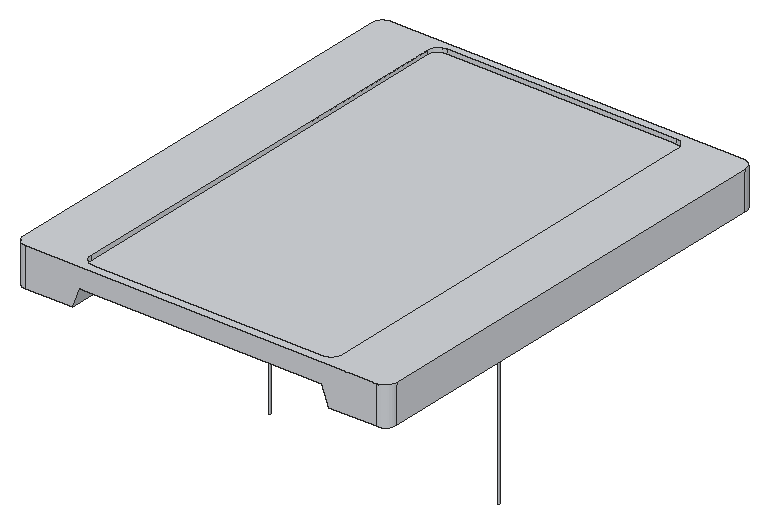
Revit family "EURS_63_LF_FB_BY481P", category Lighting Fixtures, host Face, Revit 2019
Family settings
  Host = Face
  Round Connector Dimension = Use Diameter
  Part Type = Normal
  Cut with Voids When Loaded = No
  Light Source = No
  Shared = No
  Room Calculation Point = No
Parameters (values of type "Type catalog")
  Width = 490 mm
  Voltage (V) = 230 V
  Visibility 2D symbol [instance] = not(Visibility 2D outline rectangle)  # no
  Visibility 2D outline rectangle [instance] = yes
  Suspension height [instance] = 300 mm
  Product catalog - URL = "MODEL WEBPAGE"
  Order code = "ORDER CODE"
  Light source = 2 mm
  Length = 600 mm
  Last IES update = "DATE"
  Lamp type = BY481P IES Data : PSD 1 xLED250S_840 HRO
  Height = 50 mm
  Fixture code = "FIXTURE CODE"
  ETIM code URL = "ETIM CODE WEBPAGE"
  ETIM code = "MODEL ETIM CODE"
  Wattage Comments = ""
  URL = "http://www.lighting.philips.com/main/home"
  Type Comments = "Pendant"
  Model = "MODEL NUMBER"
  Manufacturer = "Philips"
  Light loss factor = ""
  Lamp = "LAMP NAME"
  Initial luminous flux (lm) = ""
  Init. Corr. Color Temperature (K) = ""
  EOC = "EOC CODE"
  Description = "MODEL NAME"
  Default Elevation = 0 mm
  Content version = "1.0"
  Content modified date = "DATE"
  Content creation date = "17-06-2021"
  Content Creator = "https://www.cadac.com/bimcontent"
  Ceiling thickness = 12.5 mm
  BIM Library - URL = "http://www.lighting.philips.com/main/support/support/revit-library#page=1"
  Assembly Code = ""
  Armatuurcode [instance] = ""
  Apparent Load = 0 VA
  12NC = "12NC CODE"
Reference planes
  plane 1 "Center (Front/Back)": y = 0
  plane 2: z = 0
  plane 3 "Center (Left/Right)": x = 0
  plane 4 "Cadac Group AEC": y = 0
  plane 5: z = 12.5
  plane 6 "left": x = -245
  plane 7 "right": x = 245
  plane 8 "back": y = 300
  plane 9 "front": y = -300
  plane 10: z = -12.5
  plane 11: z = -12.5
  plane 12 "Light Source": z = 302
  plane 13 "Top Fixture": z = 250
  plane 14: z = 300
  plane 15 "Indent": z = 275
Forms (mm)
  Extrusion 1, solid
    sketch origin (0, 0, 70) x (1, 0, 0) y (0, 1, 0)
      loop
        arc (-245, -285) -> (-240.607, -295.607) -> (-230, -300) r 15
        line (-230, -300) -> (230, -300)
        arc (230, -300) -> (240.607, -295.607) -> (245, -285) r 15
        line (245, -285) -> (245, 285)
        arc (245, 285) -> (240.607, 295.607) -> (230, 300) r 15
        line (230, 300) -> (-230, 300)
        arc (-230, 300) -> (-240.607, 295.607) -> (-245, 285) r 15
        line (-245, 285) -> (-245, -285)
    from 180 to 230
  Extrusion 2, void
    sketch origin (55.711, -16.973, 193) x (1, 0, 0) y (0, 1, 0)
      loop
        arc (-206.066, 306.973) -> (-216.421, 302.684) -> (-220.711, 292.328) r 14.645
        line (-220.711, 292.328) -> (-220.711, -258.027)
        arc (-220.711, -258.027) -> (-216.317, -268.634) -> (-205.711, -273.027) r 15
        line (-205.711, -273.027) -> (94.289, -273.027)
        arc (94.289, -273.027) -> (104.896, -268.634) -> (109.289, -258.027) r 15
        line (109.289, -258.027) -> (109.289, 291.973)
        arc (109.289, 291.973) -> (104.896, 302.579) -> (94.289, 306.973) r 15
        line (94.289, 306.973) -> (-206.066, 306.973)
    from 102 to 107
  Sweep 3, solid
    path in 3D
      loop
        line (-150, 0, 0) -> (-150, 0, 250)
    profile origin (-150, 0, 125) x (0, -1, 0) y (1, 0, 0)
      loop
        circle (0, 0) r 1
  Sweep 4, solid
    path in 3D
      loop
        line (150, 0, 0) -> (150, 0, 250)
    profile origin (150, 0, 125) x (0, 1, 0) y (-1, 0, 0)
      loop
        circle (0, 0) r 1
  Sweep 5, void
    path in 3D
      loop
        line (0, -300, 275) -> (0, 300, 275)
    profile origin (0, 0, 275) x (0, 0, 1) y (1, 0, 0)
      loop
        line (0, 0) -> (0, 158.627) -> (-25, 167.726) -> (-25, 0) -> (-25, -167.726) -> (0, -158.627) -> (0, 0)
Cuts and joins
  Extrusion 2, Sweep 5 cuts Extrusion 1
Lines and regions (mm)
  reference lines
    curve 1: line (-150, 0, 0) -> (-150, 0, 250)
    curve 3: line (150, 0, 0) -> (150, 0, 250)
    curve 5: line (0, -300, 275) -> (0, 300, 275)
  sketch lines
    curve 2: line (-150, 0, 0) -> (-150, 0, 250)
    curve 4: line (150, 0, 0) -> (150, 0, 250)
    curve 6: line (0, -300, 275) -> (0, 300, 275)
Dimensions and locks
  equal spacing: plane 8 "back", plane 1 "Center (Front/Back)", plane 9 "front"
  equal spacing: plane 6 "left", plane 3 "Center (Left/Right)", plane 7 "right"
  "Width": plane 6 "left" to plane 7 "right"
  "Length": plane 9 "front" to plane 8 "back"
  "Ceiling thickness": plane 11 to host face
  "Light source": plane 14 to plane 12 "Light Source"
  "Height": plane 13 "Top Fixture" to plane 14
  "Suspension height": host face to plane 14
  Extrusion 1 to Extrusion 1 = 490 mm
  Extrusion 1 to Extrusion 1 = 600 mm
  Extrusion 2 to Extrusion 2 = 330 mm
  Extrusion 2 to Extrusion 2 = 580 mm
  locked: plane 14 to cut or joined group of Extrusion 1, Extrusion 2, Sweep 5 at 5
  locked: plane 15 "Indent" to plane 13 "Top Fixture" at 25
  aligned and locked: plane 2 to host face
  aligned and locked: level to host face
  aligned and locked: plane 4 "Cadac Group AEC" to plane 1 "Center (Front/Back)"
  aligned and locked: host face to plane 10
  aligned and locked: nested 1 to plane 6 "left"
  aligned and locked: plane 8 "back" to nested 1
  aligned and locked: Extrusion 1 to plane 13 "Top Fixture"
  aligned and locked: Extrusion 1 to plane 14
  aligned and locked: plane 8 "back" to Extrusion 1
  aligned and locked: cut or joined group of Extrusion 1, Extrusion 2, Sweep 5 to cut or joined group of Extrusion 1, Extrusion 2, Sweep 5
  aligned and locked: plane 8 "back" to curve 5
  aligned and locked: plane 9 "front" to curve 5
  aligned and locked: plane 8 "back" to nested 2
  aligned and locked: nested 2 to plane 9 "front"
  aligned and locked: plane 13 "Top Fixture" to curve 3
  aligned and locked: plane 13 "Top Fixture" to curve 1
Automatic sketch dimensions
  host sketch curve to host sketch curve = 700 mm  (x2)
  Extrusion 1 sketch curve to plane 6 "left" = 0 mm
  plane 9 "front" to Extrusion 1 sketch curve = 0 mm
  Extrusion 1 sketch curve to plane 8 "back" = 0 mm
  Extrusion 1 sketch curve to plane 7 "right" = 0 mm
  plane 6 "left" to Extrusion 1 sketch curve = 15 mm  (x2)
  plane 7 "right" to Extrusion 1 sketch curve = 15 mm  (x2)
  Extrusion 2 sketch curve to plane 9 "front" = 25 mm
  plane 6 "left" to Extrusion 2 sketch curve = 80 mm
  Extrusion 2 sketch curve to plane 8 "back" = 10 mm
  Extrusion 2 sketch curve to Extrusion 2 sketch curve = 14.645 mm
  Extrusion 2 sketch curve to Extrusion 2 sketch curve = 15 mm
  plane 7 "right" to Extrusion 2 sketch curve = 95 mm  (x2)
  Extrusion 2 sketch curve to plane 8 "back" = 25 mm
  curve 1 to plane 1 "Center (Front/Back)" = 0 mm
  curve 1 to level = 0 mm
  curve 3 to plane 1 "Center (Front/Back)" = 0 mm
  curve 3 to level = 0 mm
  Sweep 3 sketch curve to profile plane = 0 mm  (x2)
  Sweep 4 sketch curve to profile plane = 0 mm  (x2)
  plane 15 "Indent" to curve 5 = 0 mm
  Sweep 5 sketch curve to profile plane = 0 mm  (x3)
  profile plane to Sweep 5 sketch curve = 25 mm
  Sweep 5 sketch curve to profile plane = 158.627 mm
  Sweep 5 sketch curve to Sweep 5 sketch curve = 9.099 mm  (x2)
  Sweep 5 sketch curve to Sweep 5 sketch curve = 158.627 mm
  plane 13 "Top Fixture" to curve 3 = 0 mm
  plane 13 "Top Fixture" to curve 1 = 0 mm
  radius of Sweep 3 sketch curve = 1 mm
  radius of Sweep 4 sketch curve = 1 mm
Nested families
  nested 1: "2D-PL-Rechthoekig" at (0, 0, 0) x (0, -1, 0) z (0, 0, 1), Width <- "Width", lengte <- "Length", visible <- "Visibility 2D outline rectangle", type "2D symbool"
    with lengte 600 mm, Width 490 mm
  nested 2: "PL-TL armatuur plafond rechthoekig" at (0, 0, 0) x (0, -1, 0) z (0, 0, 1), visible <- "Visibility 2D symbol", type "armatuur tl_generiek"
    with lengte 1200 mm, l1 600 mm
  nested 3: "BY481P IES Data" at (0, 0, 302) x (0, -1, 0) z (0, 0, -1), type <- "Lamp type", type "PSD 1 xLED250S_840 HRO"
Connectors
  electrical at (0, 0, 0), driven by "Apparent Load", driven by "Voltage (V)"
    settings: index 1, voltage 230 V, apparent load 0 VA, apparent load phase1 0 VA, apparent load phase2 0 VA, apparent load phase3 0 VA, power factor 1, load classification "Lighting", number of poles 1, system type 31, power factor state 1, is connector primary yes, connector utility no, sub classification motor no, connector description ""
Definition of nested family "2D-PL-Rechthoekig"
  Parameters (values of type "2D symbool")
    lengte [instance] = 600 mm
    Width [instance] = 300 mm
    Type Comments = "GEEN CALCULATIEOBJECT"
    Manufacturer = ""
    Description = "Armatuur 2D symbool"
    Copyright © Cadac = "www.cadac.com/aec"
    Cadac content versie = ""
    Assembly Code = ""
  Reference planes
    plane 1 "Center (Front/Back)": y = 0
    plane 2: z = 0
    plane 3 "Center (Left/Right)": x = 0
    plane 4: y = 150
    plane 5: y = -150
    plane 6: y = 176.777
    plane 7: x = -176.777
    plane 8: x = 176.777
    plane 9: y = -176.777
    plane 10 "Cadac Group AEC": y = 0
    plane 11: y = 400
    plane 12: y = -191.421
    plane 13: y = -206.066
    plane 14: y = -220.711
    plane 15: y = -235.355
  Lines and regions (mm)
    symbolic lines
      curve 1: line (300, 150, 0) -> (300, -150, 0)
      curve 2: line (-300, 150, 0) -> (-300, -150, 0)
      curve 3: line (-300, 150, 0) -> (300, 150, 0)
      curve 4: line (-300, -150, 0) -> (300, -150, 0)
  Dimensions and locks
    equal spacing: curve 2, plane 3 "Center (Left/Right)", curve 1
    "lengte": curve 2 to curve 1
    equal spacing: plane 5, plane 1 "Center (Front/Back)", plane 4
    locked: plane 4 to plane 5 at 300
    equal spacing: curve 4, plane 1 "Center (Front/Back)", curve 3
    "Width": curve 4 to curve 3
    locked: plane 7 to plane 8 at 353.553
    locked: plane 6 to plane 9 at 353.553
    equal spacing: plane 7, plane 3 "Center (Left/Right)", plane 8
    equal spacing: plane 6, plane 1 "Center (Front/Back)", plane 9
    locked: plane 1 "Center (Front/Back)" to plane 11 at 400
    equal spacing: plane 9, plane 12, plane 13, plane 14, plane 15
    locked: plane 9 to plane 15 at 58.579
    aligned and locked: plane 10 "Cadac Group AEC" to plane 1 "Center (Front/Back)"
Definition of nested family "PL-TL armatuur plafond rechthoekig"
  Parameters (values of type "armatuur tl_generiek")
    radius cirkel = 175 mm
    lengte [instance] = 1200 mm
    l1 [instance] = 1200 mm
    b2 = b1 * 2  # 490 mm
    b1 = 245 mm
    Type Comments = "GEEN CALCULATIEOBJECT"  # constant formula
    Manufacturer = ""
    Length lines in cirkel = (radius cirkel * 2) - 70 mm  # 280 mm
    Description = "Armatuur TL"
    Copyright © Cadac = "www.cadac.com/aec"
    Cadac content versie = "3.2"  # constant formula
    Assembly Code = ""
  Reference planes
    plane 1 "Center (Front/Back)": y = 0
    plane 2: z = 0
    plane 3 "Center (Left/Right)": x = 0
    plane 4: y = 245
    plane 5: y = -245
    plane 6: y = 176.777
    plane 7: x = -140
    plane 8: x = 140
    plane 9: y = -176.777
    plane 10 "Cadac Group AEC": y = 0
    plane 11: y = 400
    plane 12: y = -191.421
    plane 13: y = -206.066
    plane 14: y = -220.711
    plane 15: y = -235.355
  Lines and regions (mm)
    symbolic lines
      curve 1: circle (0, 0, 0) r 175 normal (0, 0, 1)
      curve 2: line (600, 245, 0) -> (600, -245, 0)
      curve 3: line (600, -40.833, 0) -> (170.169, -40.833, 0)
      curve 4: line (600, 40.833, 0) -> (170.169, 40.833, 0)
      curve 5: line (600, 122.5, 0) -> (124.975, 122.5, 0)
      curve 6: line (600, -122.5, 0) -> (124.975, -122.5, 0)
      curve 7: line (-600, 245, 0) -> (-600, -245, 0)
      curve 8: line (-600, -40.833, 0) -> (-170.169, -40.833, 0)
      curve 9: line (-600, 40.833, 0) -> (-170.169, 40.833, 0)
      curve 10: line (-600, 122.5, 0) -> (-124.975, 122.5, 0)
      curve 11: line (-600, -122.5, 0) -> (-124.975, -122.5, 0)
      curve 12: line (-140, 105, 0) -> (140, -105, 0)
      curve 13: line (-140, -105, 0) -> (140, 105, 0)
  Dimensions and locks
    equal spacing: curve 7, plane 3 "Center (Left/Right)", curve 2
    "l1": curve 7 to curve 2
    equal spacing: plane 5, plane 1 "Center (Front/Back)", plane 4
    equal spacing: curve 5, curve 4, curve 3, curve 6
    equal spacing: curve 5, plane 1 "Center (Front/Back)", curve 6
    "b1": curve 5 to curve 6
    equal spacing: curve 11, curve 8, curve 9, curve 10
    equal spacing: curve 11, plane 1 "Center (Front/Back)", curve 10
    "b1": curve 11 to curve 10
    "Length lines in cirkel": plane 7 to plane 8
    locked: plane 6 to plane 9 at 353.553
    equal spacing: plane 7, plane 3 "Center (Left/Right)", plane 8
    equal spacing: plane 6, plane 1 "Center (Front/Back)", plane 9
    locked: plane 1 "Center (Front/Back)" to plane 11 at 400
    equal spacing: plane 9, plane 12, plane 13, plane 14, plane 15
    locked: plane 9 to plane 15 at 58.579
    "b2": plane 5 to plane 4
    "radius cirkel": radius of curve 1
    aligned and locked: plane 4 to curve 7
    aligned and locked: plane 4 to curve 2
    aligned and locked: plane 5 to curve 2
    aligned and locked: plane 5 to curve 7
    aligned and locked: plane 10 "Cadac Group AEC" to plane 1 "Center (Front/Back)"
    aligned and locked: plane 7 to curve 12
    aligned and locked: plane 7 to curve 13
    aligned and locked: plane 8 to curve 13
    aligned and locked: plane 8 to curve 12
  Automatic sketch dimensions
    plane 1 "Center (Front/Back)" to curve 1 = 0 mm
    curve 1 to plane 3 "Center (Left/Right)" = 0 mm
Definition of nested family "BY481P IES Data"
  Parameters (values of type "PSD HE 1 xLED350S_840 WB")
    Wattage = 206 W
    built-in parameter 1150110 = 1 (stored number, unit not read)
    built-in parameter 1114217 = 1 (stored number, unit not read)
    Tilt Angle = 90.00°
    built-in parameter 1150109 = 1 (stored number, unit not read)
    built-in parameter 1150134 = 12
    built-in parameter 1150113 = 1 (stored number, unit not read)
    Photometric Web File = "BY481P PSD HE 1 xLED350S_840 WB.ies"
    Model = "BY481P"
    Manufacturer = "Philips"
    built-in parameter 1150105 = 2785.2 (stored number, unit not read)
    Lumens = 35000 lm
    built-in parameter 1150115 = 1 (stored number, unit not read)
    built-in parameter 1150137 = (empty or 0)
    built-in parameter 1150139 = (empty or 0)
    built-in parameter 1150112 = 1 (stored number, unit not read)
    built-in parameter 1150114 = 1 (stored number, unit not read)
    Lamp = "LED350S/840/-"
    built-in parameter 1150132 = (empty or 0)
    built-in parameter 1150102 = (empty or 0)
    built-in parameter 1150107 = 4000 (stored number, unit not read)
    built-in parameter 1150138 = (empty or 0)
    built-in parameter 1150106 = 27.852 (stored number, unit not read)
    Emit from Rectangle Width = 328 mm
    Emit from Rectangle Length = 556 mm
    Emit Shape Visible in Rendering = yes
    built-in parameter 1150104 = 15.784 (stored number, unit not read)
    Dimming Lamp Color Temperature Shift = (empty or 0)
    Description = ""
    Default Elevation = 0 mm
    Content Creator = "https://www.cadac.com/bimcontent"
    Color Filter = 16777215
    built-in parameter 1114218 = 1 (stored number, unit not read)
    built-in parameter 1150133 = 10 (stored number, unit not read)
    Apparent Load = 206 VA
  Types (26, lengths in mm): name | Wattage | built-in parameter 1150134 | Photometric Web File | built-in parameter 1150105 | Lumens | Lamp | built-in parameter 1150107 | built-in parameter 1150106 | built-in parameter 1150104 | Apparent Load
    PSD HE 1 xLED350S_840 WB | 206 W | 12 | "BY481P PSD HE 1 xLED350S_840 WB.ies" | 2785.2 (stored number, unit not read) | 35000 lm | "LED350S/840/-" | 4000 (stored number, unit not read) | 27.852 (stored number, unit not read) | 15.784 (stored number, unit not read) | 206 VA
    PSD HE 1 xLED350S_840 MB | 206 W | 12 | "BY481P PSD HE 1 xLED350S_840 MB.ies" | 2785.2 (stored number, unit not read) | 35000 lm | "LED350S/840/-" | 4000 (stored number, unit not read) | 27.852 (stored number, unit not read) | 15.784 (stored number, unit not read) | 206 VA
    PSD HE 1 xLED250S_840 WB | 144 W | 12 | "BY481P PSD HE 1 xLED250S_840 WB.ies" | 1989.4 (stored number, unit not read) | 25000 lm | "LED250S/840/-" | 4000 (stored number, unit not read) | 19.894 (stored number, unit not read) | 16.129 (stored number, unit not read) | 144 VA
    PSD HE 1 xLED250S_840 MB | 144 W | 12 | "BY481P PSD HE 1 xLED250S_840 MB.ies" | 1989.4 (stored number, unit not read) | 25000 lm | "LED250S/840/-" | 4000 (stored number, unit not read) | 19.894 (stored number, unit not read) | 16.129 (stored number, unit not read) | 144 VA
    PSD EL3 EM 1 xLED350S_840 XNB | 3.4 W | 12 | "BY481P PSD EL3 EM 1 xLED350S_840 XNB.ies" | 46.155 (stored number, unit not read) | 580 lm | "LED350S/840/-" | 4000 (stored number, unit not read) | 0.46155 (stored number, unit not read) | 15.848 (stored number, unit not read) | 3.4 VA
    PSD EL3 EM 1 xLED350S_840 WB | 3 W | 12 | "BY481P PSD EL3 EM 1 xLED350S_840 WB.ies" | 46.155 (stored number, unit not read) | 580 lm | "LED350S/840/-" | 4000 (stored number, unit not read) | 0.46155 (stored number, unit not read) | 17.961 (stored number, unit not read) | 3 VA
    PSD EL3 EM 1 xLED350S_840 NBA | 3 W | 12 | "BY481P PSD EL3 EM 1 xLED350S_840 NBA.ies" | 42.176 (stored number, unit not read) | 530 lm | "LED350S/840/-" | 4000 (stored number, unit not read) | 0.42176 (stored number, unit not read) | 16.413 (stored number, unit not read) | 3 VA
    PSD EL3 EM 1 xLED350S_840 NB | 3 W | 12 | "BY481P PSD EL3 EM 1 xLED350S_840 NB.ies" | 46.155 (stored number, unit not read) | 580 lm | "LED350S/840/-" | 4000 (stored number, unit not read) | 0.46155 (stored number, unit not read) | 17.961 (stored number, unit not read) | 3 VA
    PSD EL3 EM 1 xLED350S_840 MB | 3 W | 12 | "BY481P PSD EL3 EM 1 xLED350S_840 MB.ies" | 46.155 (stored number, unit not read) | 580 lm | "LED350S/840/-" | 4000 (stored number, unit not read) | 0.46155 (stored number, unit not read) | 17.961 (stored number, unit not read) | 3 VA
    PSD EL3 EM 1 xLED350S_840 HRO | 3 W | 12 | "BY481P PSD EL3 EM 1 xLED350S_840 HRO.ies" | 46.155 (stored number, unit not read) | 580 lm | "LED350S/840/-" | 4000 (stored number, unit not read) | 0.46155 (stored number, unit not read) | 17.961 (stored number, unit not read) | 3 VA
    PSD EL3 EM 1 xLED250S_840 XNB | 3.4 W | 12 | "BY481P PSD EL3 EM 1 xLED250S_840 XNB.ies" | 46.155 (stored number, unit not read) | 580 lm | "LED250S/840/-" | 4000 (stored number, unit not read) | 0.46155 (stored number, unit not read) | 15.848 (stored number, unit not read) | 3.4 VA
    PSD EL3 EM 1 xLED250S_840 WB | 3 W | 12 | "BY481P PSD EL3 EM 1 xLED250S_840 WB.ies" | 46.155 (stored number, unit not read) | 580 lm | "LED250S/840/-" | 4000 (stored number, unit not read) | 0.46155 (stored number, unit not read) | 17.961 (stored number, unit not read) | 3 VA
    PSD EL3 EM 1 xLED250S_840 NBA | 3 W | 12 | "BY481P PSD EL3 EM 1 xLED250S_840 NBA.ies" | 42.176 (stored number, unit not read) | 530 lm | "LED250S/840/-" | 4000 (stored number, unit not read) | 0.42176 (stored number, unit not read) | 16.413 (stored number, unit not read) | 3 VA
    PSD EL3 EM 1 xLED250S_840 NB | 3 W | 12 | "BY481P PSD EL3 EM 1 xLED250S_840 NB.ies" | 46.155 (stored number, unit not read) | 580 lm | "LED250S/840/-" | 4000 (stored number, unit not read) | 0.46155 (stored number, unit not read) | 17.961 (stored number, unit not read) | 3 VA
    PSD EL3 EM 1 xLED250S_840 MB | 3 W | 12 | "BY481P PSD EL3 EM 1 xLED250S_840 MB.ies" | 46.155 (stored number, unit not read) | 580 lm | "LED250S/840/-" | 4000 (stored number, unit not read) | 0.46155 (stored number, unit not read) | 17.961 (stored number, unit not read) | 3 VA
    PSD EL3 EM 1 xLED250S_840 HRO | 3 W | 12 | "BY481P PSD EL3 EM 1 xLED250S_840 HRO.ies" | 46.155 (stored number, unit not read) | 580 lm | "LED250S/840/-" | 4000 (stored number, unit not read) | 0.46155 (stored number, unit not read) | 17.961 (stored number, unit not read) | 3 VA
    PSD 1 xLED350S_865 WB | 230 W | 1 | "BY481P PSD 1 xLED350S_865 WB.ies" | 2785.2 (stored number, unit not read) | 35000 lm | "LED350S/865/-" | 6500 (stored number, unit not read) | 27.852 (stored number, unit not read) | 14.137 (stored number, unit not read) | 230 VA
    PSD 1 xLED350S_840 XNB | 230 W | 12 | "BY481P PSD 1 xLED350S_840 XNB.ies" | 2785.2 (stored number, unit not read) | 35000 lm | "LED350S/840/-" | 4000 (stored number, unit not read) | 27.852 (stored number, unit not read) | 14.137 (stored number, unit not read) | 230 VA
    PSD 1 xLED350S_840 NBA | 230 W | 12 | "BY481P PSD 1 xLED350S_840 NBA.ies" | 2562.4 (stored number, unit not read) | 32200 lm | "LED350S/840/-" | 4000 (stored number, unit not read) | 25.624 (stored number, unit not read) | 13.006 (stored number, unit not read) | 230 VA
    PSD 1 xLED350S_840 NB | 230 W | 12 | "BY481P PSD 1 xLED350S_840 NB.ies" | 2785.2 (stored number, unit not read) | 35000 lm | "LED350S/840/-" | 4000 (stored number, unit not read) | 27.852 (stored number, unit not read) | 14.137 (stored number, unit not read) | 230 VA
    PSD 1 xLED350S_840 HRO | 230 W | 12 | "BY481P PSD 1 xLED350S_840 HRO.ies" | 2785.2 (stored number, unit not read) | 35000 lm | "LED350S/840/-" | 4000 (stored number, unit not read) | 27.852 (stored number, unit not read) | 14.137 (stored number, unit not read) | 230 VA
    PSD 1 xLED250S_865 WB | 160 W | 1 | "BY481P PSD 1 xLED250S_865 WB.ies" | 1989.4 (stored number, unit not read) | 25000 lm | "LED250S/865/-" | 6500 (stored number, unit not read) | 19.894 (stored number, unit not read) | 14.516 (stored number, unit not read) | 160 VA
    PSD 1 xLED250S_840 XNB | 160 W | 12 | "BY481P PSD 1 xLED250S_840 XNB.ies" | 1989.4 (stored number, unit not read) | 25000 lm | "LED250S/840/-" | 4000 (stored number, unit not read) | 19.894 (stored number, unit not read) | 14.516 (stored number, unit not read) | 160 VA
    PSD 1 xLED250S_840 NBA | 160 W | 12 | "BY481P PSD 1 xLED250S_840 NBA.ies" | 1830.3 (stored number, unit not read) | 23000 lm | "LED250S/840/-" | 4000 (stored number, unit not read) | 18.303 (stored number, unit not read) | 13.355 (stored number, unit not read) | 160 VA
    PSD 1 xLED250S_840 NB | 160 W | 12 | "BY481P PSD 1 xLED250S_840 NB.ies" | 1989.4 (stored number, unit not read) | 25000 lm | "LED250S/840/-" | 4000 (stored number, unit not read) | 19.894 (stored number, unit not read) | 14.516 (stored number, unit not read) | 160 VA
    PSD 1 xLED250S_840 HRO | 160 W | 12 | "BY481P PSD 1 xLED250S_840 HRO.ies" | 1989.4 (stored number, unit not read) | 25000 lm | "LED250S/840/-" | 4000 (stored number, unit not read) | 19.894 (stored number, unit not read) | 14.516 (stored number, unit not read) | 160 VA
  Reference planes
    plane 1 "Center (Front/Back)": y = 0
    plane 2: z = 0
    plane 3 "Center (Left/Right)": x = 0
  Forms (mm)
    Extrusion 1, solid
      sketch origin (0, 0, 0) x (1, 0, 0) y (0, 1, 0)
        loop
          line (-1219.2, 1219.2) -> (-1219.2, -1219.2) -> (1219.2, -1219.2) -> (1219.2, 1219.2) -> (-1219.2, 1219.2)
      from 0 to 123.942
  Dimensions and locks
    aligned and locked: plane 2 to Extrusion 1
    aligned and locked: level to Extrusion 1
